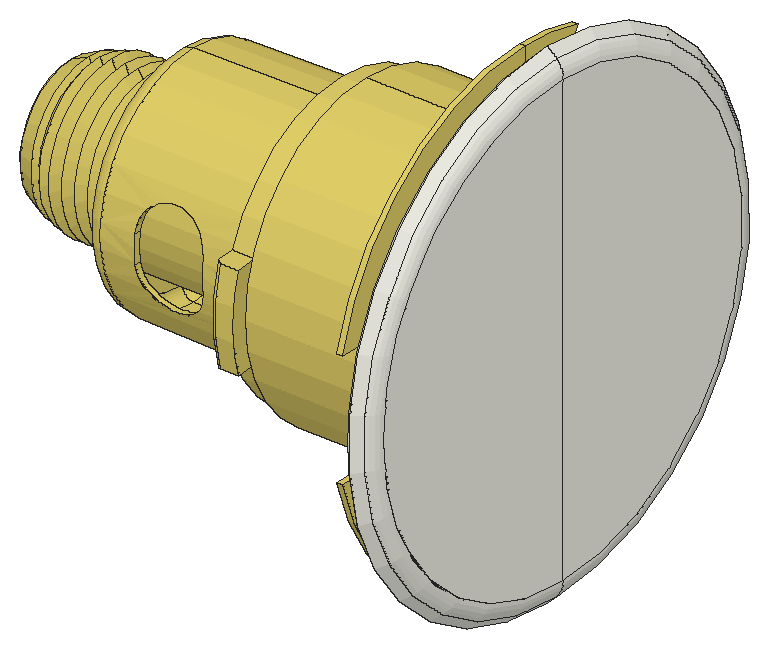
Revit family "VK408", category Sprinklers, Revit 2012
Parameters
  Temperature Rating = 165 °F
  Sprinkler Identification Number = "VK408"
  Response = Quick
  Pressure Class = Standard
  Orifice Size = 1/2"
  Orifice = Standard
  Model = "VK408"
  Manufacturer = "Viking"
  K-Factor = 5.6
  Coverage = Standard
Reference planes (in)
  plane 1 "Center (Front/Back)": y = 0
  plane 2: z = 0
  plane 3 "Center (Left/Right)": x = 0
  plane 4 "Connection Point": x = -2.33748
Dimensions and locks (in)
  aligned and locked: plane 2 to level
Nested families (in)
  nested 1: "VK408 Body" at (-1.1723, 0, 0), type "VK408 Body"
  nested 2: "VK408 Body Cap" at (-1.26854, 0, 0), type "VK408 Body Cap"
  nested 3: "VK408 Cover Plate" at (0.29197, 0, 0), type "VK408 Cover Plate"
  nested 4: "VK408 Cover Base" at (0.12093, 0, 0), type "VK408 Cover Base"
Connectors (in)
  piping at (-2.33748, 0, 0)
    settings: index 1, connector radius 1/4", flow factor 0, pipe flow 0 GPM, pressure drop 0.00 psi, fitting loss kfactor 0, connector angle 0.00°, fixture units 0, engagement length 0' - 0", flow configuration 0, flow direction 0, fitting loss method 0, system type 7, joint type 0, gender type 0, connector reference index -1, connector utility 0, adjustable connector no, is connector primary yes, fitting loss table "", connector description ""
Definition of nested family "VK408 Body"
  Reference planes (in)
    plane 1 "Center (Front/Back)": y = 0
    plane 2: z = 0
    plane 3 "Center (Left/Right)": x = 0
  Forms (in)
    Revolve 1, solid, material "VK408 Body"
      sketch origin (1.1725, 0, 0) x (0, 0, 1) y (1, 0, 0)
        loop
          line (-0.477, -0.4) -> (-0.477, -0.495) -> (-0.44375, -0.495) -> (-0.44375, -1.77625) -> (-0.41175, -1.77625) -> (-0.41175, -1.84678) -> (-0.37305, -1.86912) -> (-0.42794, -1.90755) -> (-0.37083, -1.94052) -> (-0.42572, -1.97895) -> (-0.36861, -2.01192) -> (-0.42577, -2.04904) -> (-0.36621, -2.08343) -> (-0.42621, -2.11948) -> (-0.36494, -2.15486) -> (-0.40997, -2.18191) -> (-0.36355, -2.2252) -> (-0.39085, -2.2416) -> (-0.35023, -2.3304)
          arc (-0.35023, -2.3304) -> (-0.33193, -2.3446) -> (-0.30982, -2.33768) r 0.025
          line (-0.30982, -2.33768) -> (-0.30103, -2.3079) -> (-0.222, -1.55593) -> (-0.222, -0.4) -> (-0.477, -0.4)
        axis (0, -0.4) -> (0, -2.33768)
      angle from 0 to 360
    Revolve 2, solid, material "VK408 Body"
      sketch origin (1.1725, 0, 0) x (0, 0, 1) y (1, 0, 0)
        loop
          line (-0.7745, -0.04688) -> (-0.7745, -0.76) -> (-0.89062, -0.74779) -> (-0.89062, -0.84375)
          arc (-0.89062, -0.84375) -> (-0.88147, -0.86585) -> (-0.85937, -0.875) r 0.03125
          line (-0.85937, -0.875) -> (-0.73406, -0.875) -> (-0.63915, -0.76873) -> (-0.59231, -0.6704) -> (-0.44375, -0.6704) -> (-0.44375, -0.495) -> (-0.477, -0.495) -> (-0.477, -0.4) -> (-0.62, -0.4) -> (-0.62, -0.2015) -> (-0.695, -0.2015) -> (-0.695, -0.075) -> (-0.625, -0.075)
          arc (-0.625, -0.075) -> (-0.63649, -0.0318) -> (-0.66791, 0) r 0.087
          line (-0.66791, 0) -> (-0.73169, 0) -> (-0.76667, -0.00938)
          arc (-0.76667, -0.00938) -> (-0.77252, -0.02772) -> (-0.7745, -0.04688) r 0.09375
        axis (0, 0) -> (0, -0.875)
      angle from 0 to 360
    Extrusion 3, void
      sketch origin (1.1725, 0, 0) x (0, 0, 1) y (0, -1, 0)
        loop
          arc (-0.25437, 0.85353) -> (-0.89062, -0.00019) -> (-0.25402, -0.85363) r 0.89063
          line (-0.25402, -0.85363) -> (-0.25402, -0.73166)
          arc (-0.25402, -0.73166) -> (-0.7745, -0.00019) -> (-0.25437, 0.73154) r 0.7745
          line (-0.25437, 0.73154) -> (-0.25437, 0.85353)
        loop
          line (0.25437, 0.85353) -> (0.25437, 0.73154)
          arc (0.25437, 0.73154) -> (0.7745, -0.00019) -> (0.25402, -0.73166) r 0.7745
          line (0.25402, -0.73166) -> (0.25402, -0.85363)
          arc (0.25402, -0.85363) -> (0.89062, -0.00019) -> (0.25437, 0.85353) r 0.89063
      from -0.875 to 0
    Extrusion 4, void
      sketch origin (1.1725, 0, 0) x (0, 0, 1) y (0, -1, 0)
        loop
          arc (0.38311, 0.43299) -> (0, 0.57814) -> (-0.38311, 0.43299) r 0.57814
          arc (-0.38311, 0.43299) -> (-0.39364, 0.40962) -> (-0.38311, 0.38625) r 0.0312
          line (-0.38311, 0.38625) -> (-0.30777, 0.31091)
          arc (-0.30777, 0.31091) -> (-0.28703, 0.30204) -> (-0.2659, 0.30996) r 0.03031
          arc (-0.2659, 0.30996) -> (0, 0.40937) -> (0.26589, 0.30996) r 0.40529
          arc (0.26589, 0.30996) -> (0.28746, 0.30232) -> (0.30843, 0.31144) r 0.03121
          line (0.30843, 0.31144) -> (0.38311, 0.38612)
          arc (0.38311, 0.38612) -> (0.39282, 0.40955) -> (0.38311, 0.43299) r 0.03314
      from -0.4 to -0.2015
    Extrusion 5, solid, material "VK408 Body"
      sketch origin (1.1725, 0, 0) x (0, 0, 1) y (0, -1, 0)
        loop
          circle (0, 0) r 0.62
      from -0.4 to -0.2015
    Extrusion 6, void
      sketch origin (1.1725, 0, 0) x (0, 0, 1) y (0, -1, 0)
        loop
          circle (-0.529, 0) r 0.052
        loop
          circle (0.529, 0) r 0.052
        loop
          circle (0, -0.529) r 0.052
      from -0.4 to -0.2015
    Extrusion 7, void
      sketch origin (1.1725, 0, 0) x (0, 0, 1) y (0, -1, 0)
        loop
          circle (0, 0) r 0.222
      from -1.55593 to -0.2015
  Cuts and joins
    Extrusion 3 cuts Revolve 2
    Extrusion 4, Extrusion 6, Extrusion 7 cuts Extrusion 5
    joined: Revolve 2, Extrusion 5
  Dimensions and locks (in)
    aligned and locked: plane 2 to level
Definition of nested family "VK408 Body Cap"
  Reference planes (in)
    plane 1 "Center (Front/Back)": y = 0
    plane 2: z = 0
    plane 3 "Center (Left/Right)": x = 0
  Forms (in)
    Revolve 1, solid, material "VK408 Body Cap"
      sketch origin (0.5, 0, 0) x (0, 0, -1) y (1, 0, 0)
        loop
          line (-0.64673, 0) -> (-0.63089, -0.90764)
          arc (-0.63089, -0.90764) -> (-0.60279, -0.97305) -> (-0.5369, -1) r 0.094
          line (-0.5369, -1) -> (-0.43757, -1) -> (-0.43757, -0.96875) -> (-0.5369, -0.96875)
          arc (-0.5369, -0.96875) -> (-0.58089, -0.95076) -> (-0.59964, -0.9071) r 0.06275
          line (-0.59964, -0.9071) -> (-0.61548, 0) -> (-0.64673, 0)
        axis (0, 0) -> (0, -1)
      angle from 0 to 360
    Extrusion 2, void
      sketch origin (0.5, 0, 0) x (0, 0, -1) y (1, 0, 0)
        loop
          arc (-0.075, -0.344) -> (-0.262, -0.531) -> (-0.075, -0.718) r 0.187
          line (-0.075, -0.718) -> (0.075, -0.718)
          arc (0.075, -0.718) -> (0.262, -0.531) -> (0.075, -0.344) r 0.187
          line (0.075, -0.344) -> (-0.075, -0.344)
      from -0.89305 to 0.97379
  Cuts and joins
    Extrusion 2 cuts Revolve 1
  Dimensions and locks (in)
    aligned and locked: plane 2 to level
Definition of nested family "VK408 Cover Plate"
  Reference planes (in)
    plane 1 "Center (Front/Back)": y = 0
    plane 2: z = 0
    plane 3 "Center (Left/Right)": x = 0
    plane 4 "Side Tab": x = 0.18771
  Forms (in)
    Revolve 1, solid, material "VK408 Cover Plate"
      sketch origin (0.03304, 0, -0.03304) x (0, 0, -1) y (1, 0, 0)
        loop
          line (0, 0) -> (0, -0.03125) -> (1.21584, -0.03125)
          arc (1.21584, -0.03125) -> (1.25172, -0.03839) -> (1.28213, -0.05871) r 0.09375
          line (1.28213, -0.05871) -> (1.32771, -0.10428) -> (1.34981, -0.08219) -> (1.30423, -0.03661)
          arc (1.30423, -0.03661) -> (1.26368, -0.00952) -> (1.21584, 0) r 0.125
          line (1.21584, 0) -> (0, 0)
        axis (0, 0) -> (0, -0.10428)
      angle from 0 to 360
    Extrusion 2, solid, material "VK408 Cover Plate"
      sketch origin (0.03304, 0, -0.03304) x (0, 0, -1) y (0, 1, 0)
        loop
          arc (-1.04529, 0.81864) -> (-1.15018, 0.66326) -> (-1.2323, 0.49473) r 1.33703
          line (-1.2323, 0.49473) -> (-0.97882, 0.34838) -> (-0.79181, 0.67229) -> (-1.04529, 0.81864)
        loop
          line (-0.18632, -1.02187) -> (-0.18632, -1.31457)
          arc (-0.18632, -1.31457) -> (0.00069, -1.32771) -> (0.18771, -1.31457) r 1.33755
          line (0.18771, -1.31457) -> (0.18771, -1.02187) -> (-0.18632, -1.02187)
        loop
          line (0.79111, 0.67349) -> (0.97812, 0.34958) -> (1.23144, 0.49583)
          arc (1.23144, 0.49583) -> (1.14948, 0.66445) -> (1.04443, 0.81974) r 1.31824
          line (1.04443, 0.81974) -> (0.79111, 0.67349)
      from -0.10428 to -0.08219
    Extrusion 3, solid, material "VK408 Cover Plate"
      sketch origin (0.03304, 0, -0.22074) x (0, -1, 0) y (1, 0, 0)
        loop
          arc (1.07376, -0.02) -> (1.03806, -0.03253) -> (1.02187, -0.06673) r 0.0491
          line (1.02187, -0.06673) -> (1.02187, -0.10428) -> (1.28969, -0.10428)
          arc (1.28969, -0.10428) -> (1.22494, -0.05023) -> (1.1462, -0.02) r 0.25737
          line (1.1462, -0.02) -> (1.07376, -0.02)
      from 0 to 0.015
    Extrusion 4, solid, material "VK408 Cover Plate"
      sketch origin (0.03304, 0, -0.22074) x (0, -1, 0) y (1, 0, 0)
        loop
          arc (1.07376, -0.02) -> (1.03806, -0.03253) -> (1.02187, -0.06673) r 0.0491
          line (1.02187, -0.06673) -> (1.02187, -0.10428) -> (1.28969, -0.10428)
          arc (1.28969, -0.10428) -> (1.22494, -0.05023) -> (1.1462, -0.02) r 0.25737
          line (1.1462, -0.02) -> (1.07376, -0.02)
      from 0.35902 to 0.37402
    Extrusion 5, solid, material "VK408 Cover Plate"
      sketch origin (0.03304, -0.16256, 0.06081) x (0, 0.5, 0.866025) y (1, 0, 0)
        loop
          arc (1.07376, -0.02) -> (1.03806, -0.03253) -> (1.02187, -0.06673) r 0.0491
          line (1.02187, -0.06673) -> (1.02187, -0.10428) -> (1.28969, -0.10428)
          arc (1.28969, -0.10428) -> (1.22494, -0.05023) -> (1.1462, -0.02) r 0.25737
          line (1.1462, -0.02) -> (1.07376, -0.02)
      from 0.35902 to 0.37402
    Extrusion 6, solid, material "VK408 Cover Plate"
      sketch origin (0.03304, -0.16256, 0.06081) x (0, 0.5, 0.866025) y (1, 0, 0)
        loop
          arc (1.07376, -0.02) -> (1.03806, -0.03253) -> (1.02187, -0.06673) r 0.0491
          line (1.02187, -0.06673) -> (1.02187, -0.10428) -> (1.28969, -0.10428)
          arc (1.28969, -0.10428) -> (1.22494, -0.05023) -> (1.1462, -0.02) r 0.25737
          line (1.1462, -0.02) -> (1.07376, -0.02)
      from 0 to 0.015
    Extrusion 7, solid, material "VK408 Cover Plate"
      sketch origin (0.03304, 0.16256, 0.06081) x (0, 0.5, -0.866025) y (1, 0, 0)
        loop
          arc (1.07376, -0.02) -> (1.03806, -0.03253) -> (1.02187, -0.06673) r 0.0491
          line (1.02187, -0.06673) -> (1.02187, -0.10428) -> (1.28969, -0.10428)
          arc (1.28969, -0.10428) -> (1.22494, -0.05023) -> (1.1462, -0.02) r 0.25737
          line (1.1462, -0.02) -> (1.07376, -0.02)
      from 0 to 0.015
    Extrusion 8, solid, material "VK408 Cover Plate"
      sketch origin (0.03304, 0.16256, 0.06081) x (0, 0.5, -0.866025) y (1, 0, 0)
        loop
          arc (1.07376, -0.02) -> (1.03806, -0.03253) -> (1.02187, -0.06673) r 0.0491
          line (1.02187, -0.06673) -> (1.02187, -0.10428) -> (1.28969, -0.10428)
          arc (1.28969, -0.10428) -> (1.22494, -0.05023) -> (1.1462, -0.02) r 0.25737
          line (1.1462, -0.02) -> (1.07376, -0.02)
      from 0.35902 to 0.37402
  Cuts and joins
    joined: Extrusion 2, Extrusion 3, Extrusion 4, Extrusion 5, Extrusion 6, Extrusion 7, Extrusion 8
  Lines and regions (in)
    reference lines
      curve 1: line (-0.79181, 0.67229, 0) -> (-1.04529, 0.81864, 0)
      curve 2: line (-0.79181, 0.67229, 0) -> (-0.97882, 0.34838, 0)
      curve 3: line (-0.97882, 0.34838, 0) -> (-1.2323, 0.49473, 0)
      curve 4: arc (-1.04529, 0.81864, 0) -> (-1.15018, 0.66326, 0) -> (-1.2323, 0.49473, 0) r 1.33703
      curve 5: line (0.18771, -1.02187, -0.08219) -> (0.18771, -1.02187, -0.06673)
      curve 6: line (0.18771, -1.07376, -0.02) -> (0.18771, -1.1462, -0.02)
      curve 7: line (0.18771, -1.26824, -0.08219) -> (0.18771, -1.02187, -0.08219)
      curve 8: arc (0.18771, -1.1462, -0.02) -> (0.18771, -1.21143, -0.04283) -> (0.18771, -1.26824, -0.08219) r 0.25737
      curve 9: arc (0.18771, -1.07376, -0.02) -> (0.18771, -1.03806, -0.03253) -> (0.18771, -1.02187, -0.06673) r 0.0491
  Dimensions and locks (in)
    aligned and locked: plane 2 to level
Definition of nested family "VK408 Cover Base"
  Reference planes (in)
    plane 1 "Center (Front/Back)": y = 0
    plane 2: z = 0
    plane 3 "Center (Left/Right)": x = 0
  Forms (in)
    Revolve 1, solid, material "VK408 Cover Plate Base"
      sketch origin (-0.00002, 0, -0.00002) x (0.000009, 0, -1) y (1, 0, 0.000009)
        loop
          line (1.2745, 0) -> (0.99044, 0)
          arc (0.99044, 0) -> (0.96325, -0.00479) -> (0.93934, -0.0186) r 0.0795
          line (0.93934, -0.0186) -> (0.8154, -0.1226)
          arc (0.8154, -0.1226) -> (0.79445, -0.1499) -> (0.787, -0.1835) r 0.0795
          line (0.787, -0.1835) -> (0.787, -0.86) -> (0.81825, -0.86) -> (0.81825, -0.1835)
          arc (0.81825, -0.1835) -> (0.82277, -0.1631) -> (0.83549, -0.14653) r 0.04825
          line (0.83549, -0.14653) -> (0.95942, -0.04254)
          arc (0.95942, -0.04254) -> (0.97393, -0.03416) -> (0.99044, -0.03125) r 0.04825
          line (0.99044, -0.03125) -> (1.2745, -0.03125) -> (1.2745, 0)
        axis (0, 0) -> (0, -0.86)
      angle from 0 to 360
    Extrusion 2, void
      sketch origin (-0.00002, 0, -0.00002) x (0.000009, 0, -1) y (0, 1, 0)
        loop
          line (-1.03103, 0.96293) -> (-1.34303, 0.42253) -> (-1.04534, 0.25065) -> (-0.73334, 0.79105) -> (-1.03103, 0.96293)
        loop
          line (0.74234, 0.78582) -> (1.05434, 0.24542) -> (1.35204, 0.4173) -> (1.04004, 0.9577) -> (0.74234, 0.78582)
        loop
          line (-0.31202, -1.02994) -> (-0.31202, -1.35335) -> (0.31198, -1.35335) -> (0.31198, -1.02994) -> (-0.31202, -1.02994)
      from -0.33319 to 0.17636
    Extrusion 3, solid, material "VK408 Cover Plate Base"
      sketch origin (-0.00002, 0, -0.00002) x (0, 1, 0) y (1, 0, 0.000009)
        loop
          line (-1.03086, 0.1415) -> (-1.23797, 0.1415)
          arc (-1.23797, 0.1415) -> (-1.26823, 0.13745) -> (-1.29636, 0.12557) r 0.115
          line (-1.29636, 0.12557) -> (-1.28049, 0.09865)
          arc (-1.28049, 0.09865) -> (-1.26001, 0.1073) -> (-1.23797, 0.11025) r 0.08375
          line (-1.23797, 0.11025) -> (-1.03086, 0.11025)
          arc (-1.03086, 0.11025) -> (-1.01282, 0.10278) -> (-1.00535, 0.08474) r 0.02551
          line (-1.00535, 0.08474) -> (-1.00535, 0) -> (-0.9741, 0) -> (-0.9741, 0.08474)
          arc (-0.9741, 0.08474) -> (-0.99073, 0.12488) -> (-1.03086, 0.1415) r 0.05676
      from -0.125 to 0.125
    Extrusion 4, solid, material "VK408 Cover Plate Base"
      sketch origin (-0.00002, 0, -0.00002) x (-0.000007, -0.5, 0.866025) y (1, 0, 0.000009)
        loop
          line (-1.03086, 0.1415) -> (-1.23797, 0.1415)
          arc (-1.23797, 0.1415) -> (-1.26823, 0.13745) -> (-1.29636, 0.12557) r 0.115
          line (-1.29636, 0.12557) -> (-1.28049, 0.09865)
          arc (-1.28049, 0.09865) -> (-1.26001, 0.1073) -> (-1.23797, 0.11025) r 0.08375
          line (-1.23797, 0.11025) -> (-1.03086, 0.11025)
          arc (-1.03086, 0.11025) -> (-1.01282, 0.10278) -> (-1.00535, 0.08474) r 0.02551
          line (-1.00535, 0.08474) -> (-1.00535, 0) -> (-0.9741, 0) -> (-0.9741, 0.08474)
          arc (-0.9741, 0.08474) -> (-0.99073, 0.12488) -> (-1.03086, 0.1415) r 0.05676
      from -0.125 to 0.125
    Extrusion 5, solid, material "VK408 Cover Plate Base"
      sketch origin (-0.00002, 0, -0.00002) x (0.000007, -0.5, -0.866025) y (1, 0, 0.000009)
        loop
          line (-1.03086, 0.1415) -> (-1.23797, 0.1415)
          arc (-1.23797, 0.1415) -> (-1.26823, 0.13745) -> (-1.29636, 0.12557) r 0.115
          line (-1.29636, 0.12557) -> (-1.28049, 0.09865)
          arc (-1.28049, 0.09865) -> (-1.26001, 0.1073) -> (-1.23797, 0.11025) r 0.08375
          line (-1.23797, 0.11025) -> (-1.03086, 0.11025)
          arc (-1.03086, 0.11025) -> (-1.01282, 0.10278) -> (-1.00535, 0.08474) r 0.02551
          line (-1.00535, 0.08474) -> (-1.00535, 0) -> (-0.9741, 0) -> (-0.9741, 0.08474)
          arc (-0.9741, 0.08474) -> (-0.99073, 0.12488) -> (-1.03086, 0.1415) r 0.05676
      from -0.125 to 0.125
  Cuts and joins
    Extrusion 2 cuts Revolve 1
  Dimensions and locks (in)
    aligned and locked: plane 2 to level
